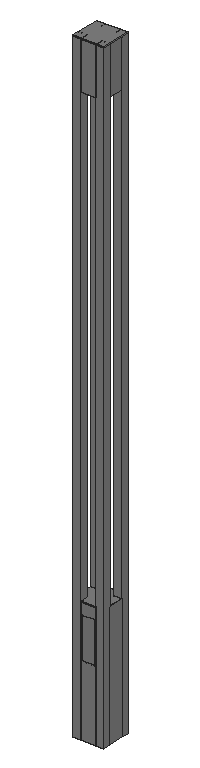
Revit family "84065_HOST_GND", category Lighting Fixtures, host Floor, Revit 2015
Parameters (values of type "Light Building Elements")
  Wattage = 16.8841 W
  built-in parameter 1150110 = 1 (stored number, unit not read)
  URL = "www.bega-us.com"
  built-in parameter 1114217 = 1 (stored number, unit not read)
  Tilt Angle = 90.00°
  built-in parameter 1150109 = 1 (stored number, unit not read)
  built-in parameter 1150134 = (empty or 0)
  Telephone = "805.684.0533"
  built-in parameter 1150113 = 1 (stored number, unit not read)
  Photometric Web File = "84065.ies"
  Model = "77844"
  Manufacturer = "BEGA-US"
  built-in parameter 1150105 = 199.58 (stored number, unit not read)
  Lumens = 2508 lm
  built-in parameter 1150115 = 1 (stored number, unit not read)
  built-in parameter 1150137 = (empty or 0)
  built-in parameter 1150139 = (empty or 0)
  built-in parameter 1150112 = 1 (stored number, unit not read)
  built-in parameter 1150114 = 1 (stored number, unit not read)
  Lamp = "39.5W LED"
  built-in parameter 1150132 = 2
  built-in parameter 1150102 = (empty or 0)
  built-in parameter 1150107 = 3000 (stored number, unit not read)
  built-in parameter 1150138 = (empty or 0)
  built-in parameter 1150106 = 1.9958 (stored number, unit not read)
  built-in parameter 1150104 = 13.8 (stored number, unit not read)
  Dimming Lamp Color Temperature Shift = <None>
  Description = "Linear element - square"
  Color Filter = 16777215
  built-in parameter 1114218 = 1 (stored number, unit not read)
  built-in parameter 1150133 = 10 (stored number, unit not read)
Reference planes (in)
  plane 1 "Center (Front/Back)": y = 0
  plane 2: z = 0
  plane 3 "Center (Left/Right)": x = 0
Dimensions and locks (in)
  equal spacing: host sketch curve, plane 1 "Center (Front/Back)", host sketch curve
  equal spacing: host sketch curve, plane 3 "Center (Left/Right)", host sketch curve
  host sketch curve to host sketch curve = 10' - 0"  (x2)
  aligned and locked: level to plane 2
Nested families (in)
  nested 1: "8945MH" at (-4.85977, 10.6972, 0), type "Light Building Element"
Connectors (in)
  electrical at (0, 0, 0)
    settings: index 1, voltage 0 V, apparent load 0 VA, apparent load phase1 0 VA, apparent load phase2 0 VA, apparent load phase3 0 VA, power factor 1, load classification "Other", number of poles 1, system type 31, power factor state 1, is connector primary yes, connector utility no, sub classification motor no, connector description ""
Definition of nested family "8945MH"
  Parameters
    Wattage Comments = "150W"
    URL = "http://www.bega-us.com"
    Telephone = "805.684.0533"
    Photometric Web File = "8945MH_LINEAR_LUMINAIRE"
    Model = "8945MH"
    Metal = none
    Metal Steel = none
    Manufacturer = "BEGA-US"
    Light = none
    Lamp = "(1) 150W T6 G12 MH"
    Glass = none
    Fax = "805.684.6682"
    Dim_C = 14' - 9"
    Dim_B = 10' - 8"
    Dim_A = 0' - 8 5/8"
    Description = "Linear element - square"
  Reference planes (in)
    plane 1 "Light Source Axis (F/B)": y = -10.6972
    plane 2: z = 0
    plane 3 "Light Source Axis (L/R)": x = 4.85977
    plane 4 "Light Source Elevation": z = 162.84375
    plane 5: y = -6.3847
    plane 6: x = 0.54727
    plane 7: x = 9.17227
    plane 8: y = -15.0097
    plane 9: y = -8.54095
    plane 10: x = 7.01602
    plane 11: y = -12.85345
    plane 12: x = 2.70352
    plane 13: z = 177
    plane 14: z = 176.84375
    plane 15: z = 20.03125
    plane 16: z = 34.84375
    plane 17: z = 163.44375
    plane 18: x = 7.68789
    plane 19: z = 163.58
    plane 20: y = -6.4047
    plane 21: y = -14.9897
    plane 22: x = 9.15227
    plane 23: x = 0.56727
    plane 24: z = 35.00375
    plane 25: x = 0.56727
    plane 26: x = 9.15227
    plane 27: y = -14.9897
    plane 28: y = -6.4047
    plane 29: z = 31.68125
    plane 30: x = 3.08977
    plane 31: x = 6.62977
    plane 32: z = 26.50125
    plane 33: y = -16.0097
    plane 34: z = -23.13
    plane 35: z = -21.63514
  Forms (in)
    Extrusion 1, solid, material <- "Metal"
      sketch origin (0, 0, 0) x (1, 0, 0) y (0, 1, 0)
        loop
          line (7.01602, -8.54095) -> (9.17227, -8.54095) -> (9.17227, -6.3847) -> (7.01602, -6.3847) -> (7.01602, -8.54095)
        loop
          line (0.54727, -6.3847) -> (0.54727, -8.54095) -> (2.70352, -8.54095) -> (2.70352, -6.3847) -> (0.54727, -6.3847)
        loop
          line (2.70352, -12.85345) -> (0.54727, -12.85345) -> (0.54727, -15.0097) -> (2.70352, -15.0097) -> (2.70352, -12.85345)
        loop
          line (7.01602, -12.85345) -> (7.01602, -15.0097) -> (9.17227, -15.0097) -> (9.17227, -12.85345) -> (7.01602, -12.85345)
      from 0 to 176.84375
    Extrusion 2, solid, material <- "Metal"
      sketch origin (0, 0, 0) x (1, 0, 0) y (0, 1, 0)
        loop
          line (0.54727, -8.54095) -> (0.54727, -12.85345) -> (2.70352, -12.85345) -> (2.70352, -15.0097) -> (7.01602, -15.0097) -> (7.01602, -12.85345) -> (9.17227, -12.85345) -> (9.17227, -8.54095) -> (7.01602, -8.54095) -> (7.01602, -6.3847) -> (2.70352, -6.3847) -> (2.70352, -8.54095) -> (0.54727, -8.54095)
      from 0 to 34.84375
    Extrusion 3, solid, material <- "Metal"
      sketch origin (-25.9226, 0, 176.84375) x (-1, 0, 0) y (0, -1, 0)
        loop
          line (-35.09487, 6.3847) -> (-26.46987, 6.3847) -> (-26.46987, 15.0097) -> (-35.09487, 15.0097) -> (-35.09487, 6.3847)
      from 0 to 0.15625
    Extrusion 4, solid, material <- "Metal"
      sketch origin (-17.58548, 0, 163.44375) x (-1, 0, 0) y (0, -1, 0)
        loop
          line (-18.15275, 8.54095) -> (-18.15275, 12.85345) -> (-20.289, 12.85345) -> (-20.289, 14.9897) -> (-24.6015, 14.9897) -> (-24.6015, 12.85345) -> (-26.73775, 12.85345) -> (-26.73775, 8.54095) -> (-24.6015, 8.54095) -> (-24.6015, 6.4047) -> (-20.289, 6.4047) -> (-20.289, 8.54095) -> (-18.15275, 8.54095)
      from 0 to 13.4
    Revolve 5, void
      sketch origin (0, -10.6972, 0) x (1, 0, 0) y (0, 0, 1)
        loop
          line (4.85977, 163.44375) -> (7.68789, 163.44375) -> (7.68789, 163.58) -> (4.85977, 163.58) -> (4.85977, 163.44375)
        axis (4.85977, 163.58) -> (4.85977, 163.44375)
      angle from 0 to 360
    Revolve 6, solid, material <- "Light"
      sketch origin (0, -10.6972, 0) x (1, 0, 0) y (0, 0, 1)
        loop
          line (4.85977, 162.70445) -> (7.35977, 162.70445) -> (7.49907, 162.84375) -> (7.49907, 163.17988) -> (7.56523, 163.17988) -> (7.53359, 163.21152) -> (7.53359, 163.36914) -> (7.56523, 163.40078) -> (7.64493, 163.40078) -> (7.68789, 163.44375) -> (7.68789, 163.58) -> (4.85977, 163.58) -> (4.85977, 162.70445)
        axis (4.85977, 163.58) -> (4.85977, 162.70445)
      angle from 0 to 360
    Extrusion 7, solid, material <- "Metal"
      sketch origin (-51.78497, 0, 34.84375) x (-1, 0, 0) y (0, -1, 0)
        loop
          line (-52.35224, 8.54095) -> (-52.35224, 12.85345) -> (-54.48849, 12.85345) -> (-54.48849, 14.9897) -> (-58.80099, 14.9897) -> (-58.80099, 12.85345) -> (-60.93724, 12.85345) -> (-60.93724, 8.54095) -> (-58.80099, 8.54095) -> (-58.80099, 6.4047) -> (-54.48849, 6.4047) -> (-54.48849, 8.54095) -> (-52.35224, 8.54095)
      from 0 to 0.16
    Extrusion 8, void
      sketch origin (-51.78497, 0, 34.84375) x (-1, 0, 0) y (0, -1, 0)
        loop
          line (-58.41474, 12.85345) -> (-54.87474, 12.85345) -> (-54.87474, 15.0097) -> (-58.41474, 15.0097) -> (-58.41474, 12.85345)
      from -14.8125 to -3.1625
    Extrusion 9, solid, material <- "Metal"
      sketch origin (-51.78497, 0, 34.84375) x (-1, 0, 0) y (0, -1, 0)
        loop
          line (-58.41474, 12.85345) -> (-54.87474, 12.85345) -> (-54.87474, 14.9897) -> (-58.41474, 14.9897) -> (-58.41474, 12.85345)
      from -3.1625 to -14.8125
    Revolve 10, void
      sketch origin (4.85977, -10.6972, 26.50125) x (-1, 0, 0) y (0, 0, -1)
        loop
          line (0, 26.50125) -> (0, 47.50125) -> (-8, 47.50125) -> (-8, 26.50125) -> (0, 26.50125)
        axis (0, 26.50125) -> (0, 47.50125)
      angle from 0 to 360
  Cuts and joins
    Revolve 5 cuts Extrusion 1
    Revolve 5 cuts Extrusion 4
    Extrusion 8 cuts Extrusion 2
  Dimensions and locks (in)
    locked: plane 6 to plane 3 "Light Source Axis (L/R)" at 4.3125
    locked: plane 1 "Light Source Axis (F/B)" to plane 5 at 4.3125
    locked: plane 8 to plane 1 "Light Source Axis (F/B)" at 4.3125
    locked: plane 3 "Light Source Axis (L/R)" to plane 7 at 4.3125
    locked: plane 10 to plane 7 at 2.15625
    locked: plane 9 to plane 5 at 2.15625
    locked: plane 8 to plane 11 at 2.15625
    locked: plane 6 to plane 12 at 2.15625
    "Dim_C": plane 13 to level
    locked: plane 13 to plane 14 at 0.15625
    locked: plane 15 to level at 20.03125
    "Dim_B": plane 4 "Light Source Elevation" to plane 16
    locked: plane 17 to plane 4 "Light Source Elevation" at 0.6
    plane 18 to plane 3 "Light Source Axis (L/R)" = 0' - 2 53/64"
    plane 19 to plane 17 = 0' - 0.13625"
    locked: cut or joined group of Extrusion 1, Revolve 5 to plane 20 at 0.02
    locked: cut or joined group of Extrusion 1, Revolve 5 to plane 21 at 0.02
    locked: plane 22 to cut or joined group of Extrusion 1, Revolve 5 at 0.02
    locked: cut or joined group of Extrusion 1, Revolve 5 to plane 23 at 0.02
    locked: plane 24 to plane 16 at 0.16
    locked: Extrusion 2 to plane 25 at 0.02
    locked: plane 28 to Extrusion 2 at 0.02
    locked: plane 26 to Extrusion 2 at 0.02
    locked: plane 27 to Extrusion 2 at 0.02
    locked: plane 29 to plane 15 at 11.65
    plane 30 to plane 3 "Light Source Axis (L/R)" to plane 31 = 0' - 1.77" locked, 0' - 1.77" locked
    locked: plane 29 to plane 32 at 5.18
    locked: plane 33 to cut or joined group of Extrusion 2, Extrusion 8 at 1
    aligned and locked: level to plane 2
    aligned and locked: plane 10 to Extrusion 1 sketch curve  (x3)
    aligned and locked: Extrusion 1 sketch curve to plane 9
    aligned and locked: Extrusion 1 sketch curve to plane 7
    aligned and locked: plane 6 to Extrusion 1 sketch curve  (x2)
    aligned and locked: plane 5 to Extrusion 1 sketch curve
    aligned and locked: plane 12 to Extrusion 1 sketch curve  (x2)
    aligned and locked: Extrusion 1 sketch curve to plane 11
    aligned and locked: Extrusion 1 sketch curve to plane 6
    aligned and locked: plane 11 to Extrusion 1 sketch curve
    aligned and locked: plane 7 to Extrusion 1 sketch curve
    aligned and locked: plane 8 to Extrusion 1 sketch curve
    aligned and locked: Extrusion 1 sketch curve to plane 8
    aligned and locked: Extrusion 1 sketch curve to plane 12
    aligned and locked: Extrusion 1 sketch curve to plane 10
    aligned and locked: Extrusion 1 sketch curve to plane 5
    aligned and locked: plane 9 to Extrusion 1 sketch curve
    aligned and locked: Extrusion 1 to level
    aligned and locked: plane 14 to Extrusion 1
    aligned and locked: Extrusion 2 sketch curve to Extrusion 1  (x10)
    aligned and locked: Extrusion 1 to Extrusion 2 sketch curve  (x2)
    aligned and locked: plane 16 to Extrusion 2
    aligned and locked: Extrusion 3 sketch curve to Extrusion 2  (x4)
    aligned and locked: plane 13 to Extrusion 3
    aligned and locked: Extrusion 3 to Extrusion 1
    aligned and locked: Extrusion 1 to Extrusion 4 sketch curve  (x4)
    aligned and locked: Extrusion 4 sketch curve to Extrusion 1  (x4)
    aligned and locked: Extrusion 4 to plane 17
    aligned and locked: Extrusion 1 to Extrusion 4
    aligned and locked: plane 18 to Revolve 5 sketch curve
    aligned and locked: Revolve 5 sketch curve to plane 17
    aligned and locked: Revolve 5 sketch curve to plane 3 "Light Source Axis (L/R)"  (x2)
    aligned and locked: plane 19 to Revolve 5 sketch curve
    aligned and locked: Revolve 6 sketch curve to plane 3 "Light Source Axis (L/R)"  (x2)
    aligned and locked: Revolve 6 sketch curve to cut or joined group of Extrusion 4, Revolve 5  (x2)
    aligned and locked: plane 20 to Extrusion 4 sketch curve
    aligned and locked: plane 23 to Extrusion 4 sketch curve
    aligned and locked: plane 21 to Extrusion 4 sketch curve
    aligned and locked: plane 22 to Extrusion 4 sketch curve
    aligned and locked: Extrusion 7 sketch curve to plane 25
    aligned and locked: Extrusion 7 sketch curve to cut or joined group of Extrusion 1, Revolve 5  (x4)
    aligned and locked: cut or joined group of Extrusion 1, Revolve 5 to Extrusion 7 sketch curve  (x4)
    aligned and locked: plane 27 to Extrusion 7 sketch curve
    aligned and locked: plane 26 to Extrusion 7 sketch curve
    aligned and locked: Extrusion 7 sketch curve to plane 28
    aligned and locked: Extrusion 7 to plane 16
    aligned and locked: plane 24 to Extrusion 7
    aligned and locked: Extrusion 8 sketch curve to cut or joined group of Extrusion 1, Revolve 5
    aligned and locked: Extrusion 8 sketch curve to plane 30
    aligned and locked: plane 31 to Extrusion 8 sketch curve
    aligned and locked: Extrusion 8 to plane 15
    aligned and locked: plane 29 to Extrusion 8
    aligned and locked: cut or joined group of Extrusion 2, Extrusion 8 to Extrusion 8 sketch curve
    aligned and locked: Extrusion 9 sketch curve to cut or joined group of Extrusion 2, Extrusion 8  (x2)
    aligned and locked: cut or joined group of Extrusion 2, Extrusion 8 to Extrusion 9 sketch curve
    aligned and locked: Extrusion 7 to Extrusion 9 sketch curve
    aligned and locked: Extrusion 9 to plane 29
    aligned and locked: Extrusion 9 to plane 15
  Automatic sketch dimensions
    Revolve 5 sketch curve to plane 3 "Light Source Axis (L/R)" = 0' - 0"
    Revolve 5 sketch curve to plane 34 = 0' - 0.87"
    plane 13 to Revolve 5 sketch curve = 3' - 0.50909"
    Revolve 6 sketch curve to plane 3 "Light Source Axis (L/R)" = 0' - 0"
    Revolve 6 sketch curve to plane 4 "Light Source Elevation" = 0' - 0"
    Revolve 6 sketch curve to plane 17 = 0' - 0"
    plane 4 "Light Source Elevation" to Revolve 6 sketch curve = 0' - 0.1393"
    Revolve 6 sketch curve to plane 31 = 0' - 0.73"
    Revolve 6 sketch curve to Revolve 6 sketch curve = 0' - 0.1393"
    Revolve 6 sketch curve to plane 17 = 0' - 0.07461"
    Revolve 6 sketch curve to Revolve 6 sketch curve = 0' - 0.1543"
    Revolve 6 sketch curve to Revolve 6 sketch curve = 0' - 0.03164"  (x3)
    Revolve 6 sketch curve to plane 17 = 0' - 0.26387"
    Revolve 6 sketch curve to Revolve 6 sketch curve = 0' - 0 11/256"
    Revolve 6 sketch curve to plane 34 = 0' - 0.87"
    Revolve 6 sketch curve to plane 17 = 0' - 0 11/256"
    plane 13 to Revolve 6 sketch curve = 3' - 0.50909"
    Revolve 10 sketch curve to level = 0' - 0"  (x2)
    Revolve 10 sketch curve to plane 3 "Light Source Axis (L/R)" = 0' - 0"  (x2)
    plane 35 to Revolve 10 sketch curve = 0' - 0.63514"
    Revolve 10 sketch curve to plane 31 = 0' - 6.23"
    Revolve 10 sketch curve to Revolve 10 sketch curve = 0' - 0"
  Connectors (in)
    electrical at (4.85977, -10.6972, 0)
      settings: on cut or joined group of Extrusion 2, Extrusion 8, index 1, voltage 0 V, apparent load 0 VA, apparent load phase1 0 VA, apparent load phase2 0 VA, apparent load phase3 0 VA, power factor 1, load classification none, number of poles 1, system type 31, power factor state 1, is connector primary yes, connector utility no, sub classification motor no, connector description ""
